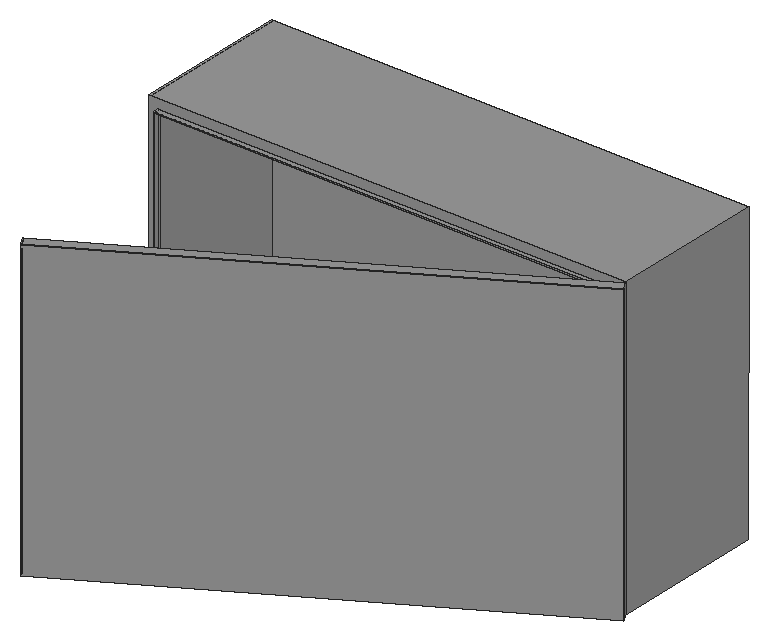
Revit family "Hager-Univers-IP55-D275-H500-Cl.II-Steel_encl-NoHosted-BE-fr", category Electrical Equipment, Revit 2020
Family settings
  Panel Configuration = Two Columns, Circuits Across
  Round Connector Dimension = Use Diameter
  Part Type = Panelboard
  Work Plane-Based = Yes
  Always vertical = Yes
  Cut with Voids When Loaded = No
  Shared = No
  Room Calculation Point = No
Parameters (values of type "saillie IP55 L800 H500 P275  - FR33S")
  Width Control [instance] = if([EF000008 - largeur] > Min Width, [EF000008 - largeur], Min Width)  # 800 mm
  Type Comments = [HG000003 - Gamme]  # "Univers"
  Thickness Door [instance] = if([EF009171 - épaisseur de matériau de la porte/du couvercle] > 3 mm, 3 mm, [EF009171 - épaisseur de matériau de la porte/du couvercle])  # 1.5 mm
  Seal Frame Offset [instance] = 17 mm  # constant formula
  Plinth Visibility [instance] = [HG000027 - Hauteur du socle] > 0 mm  # no
  Min Width [instance] = 100 mm  # constant formula
  Min Depth [instance] = (2 * [EF009170 - épaisseur de matériau du boîtier]) + 1 mm  # 4 mm
  Min Height [instance] = 100 mm  # constant formula
  Internal Frame Depth [instance] = (Door System Depth * 0.5)  # 9 mm
  Panel Name [instance] = ""  # (empty or 0)
  Model = ""
  HG000027 - Hauteur du socle = 0 mm
  HG000026 - Installation au sol = no
  HG000024 - Hauteur de la section basse = 600 mm
  HG000023 - Armoire double section = no
  HG000016 - Visibilité de la porte 3D [instance] = yes
  HG000015 - Visibilité de l'emprise de la porte [instance] = no
  HG000014 - Porte à droite [instance] = yes
  HG000013 - Porte à gauche [instance] = not([HG000014 - Porte à droite])  # no
  HG000012 - Angle de pivotement de la porte [instance] = 30.00°
  HG000010 - Portes asymétriques = no
  HG000009 - Porte à double battant = no
  HG000006 - Encastré = no
  HG000004 - Référence fabricant = "FR33S"
  HG000003 - Gamme = "Univers"
  HG000002 - avec porte = yes
  Frame Offset Bottom [instance] = 10 mm  # constant formula
  Frame Offset [instance] = 15 mm  # constant formula
  EF015940 - couvercle avec décharge de pression = no
  EF011959 - degré de protection (NEMA) = ""
  EF009554 - nombre d'ouvertures pour plaques à bride = 6
  EF009212 - finition du couvercle = "EV000116 - fermé"
  EF009171 - épaisseur de matériau de la porte/du couvercle = 1.5 mm
  EF009170 - épaisseur de matériau du boîtier = 1.5 mm
  EF008873 - courant nominal (In) = 800 A
  EF007800 - adapté à un parafoudre = no
  EF006306 - avec serrure = no
  EF006244 - couvercle/porte transparent(e) = no
  EF005474 - indice de protection (IP) = "EV006420 - IP55"
  EF004464 - type de porte = "EV002646 - unique"
  EF004427 - nombre de modules = 108
  EF004293 - indice de protection contre les chocs (IK) = "EV008784 - IK10"
  EF003532 - convient pour utilisation à l’extérieur = no
  EF002950 - largeur en nombre de modules = 24
  EF001613 - maintien de fonction = "EV000494 - sans"
  EF001596 - matériau du boîtier/corps = "EV000179 - acier"
  EF001131 - profondeur intérieure = 275 mm
  EF001088 - possibilité de montage en saillie = yes
  EF000437 - nombre d'entrées de conduit = 6
  EF000339 - type de capot = "EV004216 - porte"
  EF000266 - nombre de rangées = 3
  EF000218 - profondeur d'encastrement = 0 mm
  EF000118 - avec cadre/support de montage = no
  EF000116 - numéro RAL = "7035"
  EF000049 - profondeur = 275 mm
  EF000040 - hauteur = 500 mm
  EF000008 - largeur = 800 mm
  EF000007 - couleur = "EV000270 - gris"
  EF000003 - mode de pose = "EV000384 - saillie"
  Door System Leaf Tolerance [instance] = 1.5 mm  # constant formula
  Door System Depth [instance] = 18 mm  # constant formula
  Door Height [instance] = Height Control - [HG000027 - Hauteur du socle]  # 500 mm
  Description = ""
  Default Elevation = 1219.2 mm
  Connector Offset [instance] = Height Control / 2  # 250 mm
  Manufacturer = "Hager"  # constant formula
  Height Control [instance] = if([EF000040 - hauteur] > Min Height, [EF000040 - hauteur], Min Height)  # 500 mm
  Depth Control [instance] = if([EF000049 - profondeur] > Min Depth, [EF000049 - profondeur], Min Depth)  # 275 mm
  Bottom Top Plate Trim [instance] = 1.5 mm  # constant formula
  Plinth height Ctrl [instance] = if([HG000027 - Hauteur du socle] > 0 mm, [HG000027 - Hauteur du socle], 12 mm)  # 12 mm
Types (5, lengths in mm): name | Width Control | HG000010 - Portes asymétriques | HG000009 - Porte à double battant | HG000004 - Référence fabricant | EF009554 - nombre d'ouvertures pour plaques à bride | EF004464 - type de porte | EF004427 - nombre de modules | EF000437 - nombre d'entrées de conduit | EF000008 - largeur
  saillie IP55 L1050 H500 P275  - FR34S | 1050 | no | yes | "FR34S" | 8 | "EV003602 - double" | 144 | 8 | 1050
  saillie IP55 L1300 H500 P275  - FR35S | 1300 | yes | yes | "FR35S" | 10 | "EV003602 - double" | 180 | 10 | 1300
  saillie IP55 L300 H500 P275  - FR31S | 300 | no | no | "FR31S" | 2 | "EV002646 - unique" | 36 | 2 | 300
  saillie IP55 L550 H500 P275  - FR32S | 550 | no | no | "FR32S" | 4 | "EV002646 - unique" | 72 | 4 | 550
  saillie IP55 L800 H500 P275  - FR33S | 800 | no | no | "FR33S" | 6 | "EV002646 - unique" | 108 | 6 | 800
Reference planes
  plane 1 "Center (Front/Back)": y = 0
  plane 2: z = 0
  plane 3 "Center (Left/Right)": x = 0
  plane 4: y = 0
  plane 5: y = 0
  plane 6: z = 0
  plane 7: x = -400
  plane 8: x = 400
  plane 9: x = 398.5
  plane 10: x = -398.5
  plane 11: z = 0
  plane 12: z = 1.5
  plane 13: y = -275
  plane 14: y = -1.5
  plane 15: x = 0
  plane 16: y = -257
  plane 17: y = -273.5
  plane 18: y = -255.5
  plane 19: x = -383.5
  plane 20: x = 383.5
  plane 21: z = 11.5
  plane 22: x = -383
  plane 23: x = 383
  plane 24: z = 0
  plane 25: z = 500
  plane 26: z = 500
  plane 27: z = 483.5
  plane 28: z = 498.5
Forms (mm)
  Extrusion 1, solid, material "Hager_Steel_RAL7035_Light_Grey", detail levels medium+fine
    sketch origin (-208.679, -4572, 0) x (-1, 0, 0) y (0, -1, 0)
      loop
        line (191.321, -4315) -> (-608.679, -4315) -> (-608.679, -4572) -> (191.321, -4572) -> (191.321, -4315)
    from 0 to 500
  Extrusion 2, void
    sketch origin (-350.771, -275, 1219.2) x (1, 0, 0) y (0, 0, 1)
      loop
        line (-47.729, -720.7) -> (-47.729, -1217.7) -> (749.271, -1217.7) -> (749.271, -720.7) -> (-47.729, -720.7)
    from -19.5 to -273.5
  Extrusion 3, void
    sketch origin (-290.084, -257, 1219.2) x (1, 0, 0) y (0, 0, 1)
      loop
        line (-93.416, -1207.7) -> (673.584, -1207.7) -> (673.584, -735.7) -> (-93.416, -735.7) -> (-93.416, -1207.7)
    from 0 to -1.5
  Extrusion 4, solid, material "Hager_Steel_RAL7035_Light_Grey", visible <- "Plinth Visibility", detail levels medium+fine
    sketch origin (0, 0, 0) x (1, 0, 0) y (0, 1, 0)
      loop
        line (-400, 0) -> (-400, -257) -> (400, -257) -> (400, 0) -> (-400, 0)
    from 0 to 12 <- "Plinth height Ctrl"
  Extrusion 5, solid, material "Hager_Steel_RAL7035_Light_Grey", detail levels coarse
    sketch origin (0, 0, 0) x (1, 0, 0) y (0, 1, 0)
      loop
        line (-400, 0) -> (-400, -275) -> (400, -275) -> (400, 0) -> (-400, 0)
    from 0 to 500 <- "Height Control"
  Sweep 6, void
    path in 3D
      loop
        line (-400, -257, 12) -> (400, -257, 12) -> (400, 0, 12) -> (-400, 0, 12) -> (-400, -257, 12)
    profile origin (-400, -128.5, 12) x (1, 0, 0) y (0, 0, 1)
      loop
        line (0, 0) -> (0, -1.5) -> (1.5, -1.5)
        arc (1.5, -1.5) -> (1.061, -0.439) -> (0, 0) r 1.5
  Extrusion 7, solid, material "Hager_Steel_RAL7035_Light_Grey", detail levels fine
    sketch origin (-400, -257, 0) x (1, 0, 0) y (0, 0, 1)
      loop
        line (16.5, 11.5) -> (783.5, 11.5) -> (783.5, 483.5) -> (16.5, 483.5) -> (16.5, 11.5)
      loop
        line (15, 10) -> (785, 10) -> (785, 485) -> (15, 485) -> (15, 10)
    from 0 to 9 <- "Internal Frame Depth"
Cuts and joins
  Extrusion 2, Extrusion 3 cuts Extrusion 1
  Sweep 6 cuts Extrusion 4
Lines and regions (mm)
  Masking region 1
    outline origin (0, 0, 0) x (1, 0, 0) y (0, 1, 0)
      loop
        line (-400, 0) -> (-400, -275) -> (400, -275) -> (400, 0) -> (-400, 0)
  Masking region 2, detail levels coarse
    outline origin (-290.084, -257, 1219.2) x (-1, 0, 0) y (0, 0, 1)
      loop
        line (-690.084, -1219.2) -> (109.916, -1219.2) -> (109.916, -719.2) -> (-690.084, -719.2) -> (-690.084, -1219.2)
  Masking region 3, detail levels coarse
    outline origin (0, 0, 0) x (0, 1, 0) y (0, 0, 1)
      loop
        line (0, 0) -> (0, 500) -> (-275, 500) -> (-275, 0) -> (0, 0)
  Masking region 4, visible <- "Plinth Visibility", detail levels medium+fine
    outline origin (0, 0, 0) x (0, 1, 0) y (0, 0, 1)
      loop
        line (-1.5, 12) -> (-255.5, 12)
        arc (-255.5, 12) -> (-255.939, 10.939) -> (-257, 10.5) r 1.5
        line (-257, 10.5) -> (-257, 0) -> (0, 0) -> (0, 10.5)
        arc (0, 10.5) -> (-1.061, 10.939) -> (-1.5, 12) r 1.5
  Masking region 5, detail levels medium+fine
    outline origin (0, 0, 594.038) x (0, 1, 0) y (0, 0, 1)
      loop
        line (0, -594.038) -> (0, -94.038) -> (-257, -94.038) -> (-257, -594.038) -> (0, -594.038)
  Masking region 6, detail levels medium+fine
    outline origin (-359.7, -257, 1211.883) x (-1, 0, 0) y (0, 0, 1)
      loop
        line (-759.7, -1211.883) -> (40.3, -1211.883) -> (40.3, -711.883) -> (-759.7, -711.883) -> (-759.7, -1211.883)
  Masking region 7, visible <- "Plinth Visibility", detail levels medium+fine
    outline origin (-320.334, -257, 1041.368) x (-1, 0, 0) y (0, 0, 1)
      loop
        line (-720.334, -1041.368) -> (79.666, -1041.368) -> (79.666, -1030.868)
        arc (79.666, -1030.868) -> (78.606, -1030.429) -> (78.166, -1029.368) r 1.5
        line (78.166, -1029.368) -> (-718.834, -1029.368)
        arc (-718.834, -1029.368) -> (-719.273, -1030.429) -> (-720.334, -1030.868) r 1.5
        line (-720.334, -1030.868) -> (-720.334, -1041.368)
  sketch lines
    curve 1: line (-400, 0, 12) -> (-400, -257, 12)
    curve 2: line (-400, -257, 12) -> (400, -257, 12)
    curve 3: line (400, 0, 12) -> (-400, 0, 12)
    curve 4: line (400, -257, 12) -> (400, 0, 12)
Dimensions and locks
  locked: plane 1 "Center (Front/Back)" to plane 5
  "EF009170 - épaisseur de matériau du boîtier": plane 7 to plane 10
  "EF009170 - épaisseur de matériau du boîtier": plane 8 to plane 9
  equal spacing: plane 7, plane 3 "Center (Left/Right)", plane 8
  "Width Control": plane 7 to plane 8
  "Depth Control": plane 4 to plane 13
  "EF009170 - épaisseur de matériau du boîtier": plane 4 to plane 14
  "Height Control": plane 25 to level
  "HG000027 - Hauteur du socle": plane 11 to level
  "EF009170 - épaisseur de matériau du boîtier": plane 12 to plane 11
  "EF009170 - épaisseur de matériau du boîtier": plane 17 to plane 13
  "EF009170 - épaisseur de matériau du boîtier": plane 18 to plane 16
  "Frame Offset Bottom": plane 21 to plane 12
  "Frame Offset": plane 10 to plane 19
  "Frame Offset": plane 9 to plane 20
  "Door System Depth": plane 16 to plane 13
  "Seal Frame Offset": plane 7 to plane 22
  "Seal Frame Offset": plane 8 to plane 23
  "EF009170 - épaisseur de matériau du boîtier": plane 26 to plane 28
  "Frame Offset": plane 28 to plane 27
  "Connector Offset": plane 2 to connector elem
  "Bottom Top Plate Trim": profile plane to Sweep 6 sketch curve
  "Bottom Top Plate Trim": Sweep 6 sketch curve to Sweep 6 sketch curve
  "Plinth height Ctrl": Masking region 4 sketch curve to level
  "Plinth height Ctrl": Masking region 7 sketch curve to level
  "Thickness Door": Extrusion 7 sketch curve to Extrusion 7 sketch curve  (x4)
  "Bottom Top Plate Trim": radius of Sweep 6 sketch curve
  "Bottom Top Plate Trim": radius of Masking region 4 sketch curve  (x2)
  "Bottom Top Plate Trim": radius of Masking region 7 sketch curve  (x2)
  aligned and locked: Extrusion 2 sketch curve to plane 12
  aligned and locked: Extrusion 2 sketch curve to plane 9
  aligned and locked: Extrusion 2 sketch curve to plane 10
  aligned and locked: Extrusion 2 to plane 14
  aligned and locked: Extrusion 1 sketch curve to plane 4
  aligned and locked: plane 8 to Extrusion 1 sketch curve
  aligned and locked: plane 7 to Extrusion 1 sketch curve
  aligned and locked: Extrusion 2 to plane 18
  aligned and locked: plane 19 to Extrusion 3 sketch curve
  aligned and locked: plane 20 to Extrusion 3 sketch curve
  aligned and locked: Extrusion 3 to Extrusion 2
  aligned and locked: Extrusion 3 sketch curve to plane 21
  aligned and locked: plane 3 "Center (Left/Right)" to nested 1
  aligned and locked: Extrusion 1 sketch curve to plane 16
  aligned and locked: Extrusion 4 sketch curve to cut or joined group of Extrusion 1, Extrusion 2, Extrusion 3
  aligned and locked: Masking region 1 sketch curve to plane 7
  aligned and locked: Masking region 1 sketch curve to plane 5
  aligned and locked: Masking region 1 sketch curve to plane 8
  aligned and locked: Masking region 2 sketch curve to level
  aligned and locked: level to Masking region 3 sketch curve
  aligned and locked: plane 1 "Center (Front/Back)" to Masking region 3 sketch curve
  aligned and locked: plane 13 to Masking region 3 sketch curve
  aligned and locked: plane 5 to Masking region 4 sketch curve
  aligned and locked: Masking region 2 sketch curve to plane 8
  aligned and locked: Masking region 2 sketch curve to plane 7
  aligned and locked: plane 7 to nested 2
  aligned and locked: nested 2 to plane 5
  aligned and locked: plane 5 to Masking region 5 sketch curve
  aligned and locked: plane 26 to Masking region 5 sketch curve
  aligned and locked: Extrusion 5 sketch curve to plane 8
  aligned and locked: Extrusion 5 sketch curve to plane 7
  aligned and locked: Extrusion 5 sketch curve to plane 5
  aligned and locked: Extrusion 3 sketch curve to plane 27
  aligned and locked: Extrusion 2 sketch curve to plane 28
  aligned and locked: Masking region 2 to plane 25
  aligned and locked: Extrusion 4 to plane 16
  aligned and locked: profile plane to Sweep 6 sketch curve
  aligned and locked: Masking region 5 sketch curve to plane 24
  aligned and locked: level to Masking region 4 sketch curve
  aligned and locked: Masking region 1 to plane 13
  aligned and locked: nested 1 to plane 16
  aligned and locked: Masking region 3 to plane 25
  aligned and locked: plane 16 to Masking region 4 sketch curve
  aligned and locked: Masking region 5 sketch curve to plane 16
  aligned and locked: plane 24 to plane 11
  aligned and locked: plane 26 to plane 25
  aligned and locked: plane 26 to cut or joined group of Extrusion 1, Extrusion 2, Extrusion 3
  aligned and locked: nested 1 to plane 24
  aligned and locked: Extrusion 1 to Extrusion 3
  aligned and locked: Masking region 6 sketch curve to plane 8
  aligned and locked: Masking region 6 sketch curve to plane 24
  aligned and locked: Masking region 6 sketch curve to plane 7
  aligned and locked: Masking region 6 sketch curve to plane 26
  aligned and locked: Masking region 7 sketch curve to plane 7
  aligned and locked: level to Masking region 7 sketch curve
  aligned and locked: Masking region 7 sketch curve to plane 8
  aligned and locked: Extrusion 7 sketch curve to cut or joined group of Extrusion 1, Extrusion 2, Extrusion 3  (x4)
Automatic sketch dimensions
  plane 19 to Extrusion 3 sketch curve = 0 mm
  Extrusion 3 sketch curve to plane 20 = 0 mm
  Extrusion 3 sketch curve to plane 21 = 0 mm
  Extrusion 4 sketch curve to plane 7 = 0 mm
  Extrusion 4 sketch curve to plane 8 = 0 mm
  Extrusion 4 sketch curve to plane 16 = 0 mm
  Masking region 1 sketch curve to plane 13 = 0 mm
  Masking region 2 sketch curve to plane 25 = 0 mm
  Masking region 3 sketch curve to plane 25 = 0 mm
  Extrusion 5 sketch curve to plane 13 = 0 mm
  profile plane to Sweep 6 sketch curve = 0 mm
Nested families
  nested 1: "EC000058_Univers_Door" at (0, -257, 0), Double <- "HG000009 - Porte à double battant", Transparent <- "EF006244 - couvercle/porte transparent(e)", Angle <- "HG000012 - Angle de pivotement de la porte", Door_Right <- "HG000014 - Porte à droite", Assymetrical <- "HG000010 - Portes asymétriques", Door <- "HG000002 - avec porte", Width_Ctrl <- "Width Control", 3d_Door <- "HG000016 - Visibilité de la porte 3D", Clearance <- "HG000015 - Visibilité de l'emprise de la porte", Door_Left <- "HG000013 - Porte à gauche", Width <- "Width Control", Door_Depth <- "Door System Depth", Leaf_Tolerance <- "Door System Leaf Tolerance", Height <- "Door Height", Lock_Visibility <- "EF006306 - avec serrure", Thickness <- "Thickness Door", type "EC000058_Univers_Door", detail levels medium+fine
    with min_wh 4 mm, Width_Ctrl 800 mm, Width 800 mm, Transparent no, Thickness 1.5 mm, Seal_Material Hager_Rubber, Lock_Visibility no, Lock_Material Hager_Plastic_RAL9005_Jet_Black, Leaf_Width 800 mm, Leaf_Tolerance_External_Sides 0 mm, Leaf_Tolerance 1.5 mm, Leaf_Offset 0 mm, Leaf_Height 497 mm, Leaf_2_Width 800 mm, Leaf_2_Offset 400 mm, Leaf_1_Width 800 mm, Leaf_1_Offset 400 mm, Height_Ctrl 500 mm, Height 500 mm, Glass_Material Hager_Glass, Double_Clearance_Ctrl no, Double no, Door_Right_Ctrl yes, Door_Right yes, Door_Material Hager_Steel_RAL7035_Light_Grey, Door_Left_Ctrl no, Door_Left no, Door_Depth 18 mm, Door yes, Clearance_Material Hager_Clearance, Clearance_Depth 800 mm, Clearance_Ctrl no, Clearance no, Assymetrical no, Angle 30.00°, 3d_Door yes
  nested 2: "Hager_Enclosure_Symbol" at (-400, 0, 0), Height <- "Depth Control", Width <- "Width Control", type "Hager_Enclosure_Symbol"
    with Width_Ctrl 800 mm, Width 800 mm, Height_Ctrl 275 mm, Height 275 mm, A_Width_Int 18.047 mm, A_Width 216.562 mm, A_Height_Ctrl 240.625 mm, A_Height 240.625 mm
Connectors
  electrical at (0, 0, 250)
    settings: on plane 1 "Center (Front/Back)", index 1, voltage 0 V, apparent load 0 VA, apparent load phase1 0 VA, apparent load phase2 0 VA, apparent load phase3 0 VA, power factor 1, load classification "Other", number of poles 1, system type 30, power factor state 1, is connector primary yes, connector utility no, sub classification motor no, connector description ""
Definition of nested family "EC000058_Univers_Door"
  Parameters (values of type "EC000058_Univers_Door")
    min_wh [instance] = (2 * Thickness) + 1 mm  # 11 mm
    Width_Ctrl [instance] = 400 mm
    Width [instance] = 500 mm
    Transparent [instance] = yes
    Thickness [instance] = 5 mm
    Seal_Material [instance] = none
    Lock_Visibility [instance] = yes
    Lock_Material [instance] = none
    Leaf_Width [instance] = if((Width_Ctrl - 2 * Leaf_Tolerance_External_Sides) > 0 mm, (Width_Ctrl - 2 * Leaf_Tolerance_External_Sides), min_wh)  # 400 mm
    Leaf_Tolerance_External_Sides [instance] = 0 mm  # constant formula
    Leaf_Tolerance [instance] = 1.5 mm
    Leaf_Offset [instance] = 0 mm  # constant formula
    Leaf_Height [instance] = if((Height_Ctrl - 2 * Leaf_Tolerance) > 0 mm, (Height_Ctrl - 2 * Leaf_Tolerance), min_wh)  # 497 mm
    Leaf_2_Width [instance] = if(and(and(Double, Assymetrical), Door_Left), (Leaf_Width / 3) - (Leaf_Tolerance / 2), if(and(and(Double, Assymetrical), Door_Right), (Leaf_Width / 3) * 2 - (Leaf_Tolerance / 2), if(and(Double, not(Assymetrical)), (Leaf_Width / 2) - Leaf_Tolerance, Leaf_Width)))  # 400 mm
    Leaf_2_Offset [instance] = if(and(Double, Assymetrical), Leaf_2_Width / 2, if(and(Double, not(Assymetrical)), Leaf_Width / 4, Leaf_Width / 2))  # 200 mm
    Leaf_1_Width [instance] = if(and(and(Double, Assymetrical), Door_Right), (Leaf_Width / 3) - (Leaf_Tolerance / 2), if(and(and(Double, Assymetrical), Door_Left), (Width / 3) * 2 - (Leaf_Tolerance / 2), if(and(Double, not(Assymetrical)), (Leaf_Width / 2) - Leaf_Tolerance, Leaf_Width)))  # 400 mm
    Leaf_1_Offset [instance] = if(and(Double, Assymetrical), Leaf_1_Width / 2, if(and(Double, not(Assymetrical)), Leaf_Width / 4, Leaf_Width / 2))  # 200 mm
    Height_Ctrl [instance] = if(Height > min_wh, Height, min_wh)  # 500 mm
    Height [instance] = 500 mm
    Glass_Material [instance] = none
    Double_Clearance_Ctrl [instance] = and(Double, Clearance)  # no
    Double [instance] = no
    Door_Right_Ctrl [instance] = and(or(Door_Right, Double), Door)  # yes
    Door_Right [instance] = yes
    Door_Material [instance] = none
    Door_Left_Ctrl [instance] = and(or(Door_Left, Double), Door)  # no
    Door_Left [instance] = no
    Door_Depth [instance] = 30 mm
    Door [instance] = yes
    Default Elevation = 1219.2 mm
    Clearance_Material [instance] = none
    Clearance_Depth [instance] = if(Leaf_1_Width > Leaf_2_Width, Leaf_1_Width, Leaf_2_Width)  # 400 mm
    Clearance_Ctrl [instance] = and(not(Double), Clearance)  # yes
    Clearance [instance] = yes
    Assymetrical [instance] = yes
    Angle [instance] = 30.00°
    3d_Door [instance] = yes
  Reference planes
    plane 1 "Center (Front/Back)": y = 0
    plane 2 "Bottom": z = 0
    plane 3 "Center (Left/Right)": x = 0
    plane 4: z = 500
    plane 5: x = -200
    plane 6: x = 200
    plane 7: z = 500
    plane 8: x = -200
    plane 9: z = 0
    plane 10: x = 200
    plane 11: y = 0
    plane 12: z = 1.5
    plane 13: x = -600
    plane 14: y = -400
    plane 15: x = 600
    plane 16: x = 0
    plane 17: x = 0
    plane 18: x = -200
    plane 19: x = 200
    plane 20: z = 498.5
  Forms (mm)
    Extrusion 1, solid, material <- "Clearance_Material", visible <- "Double_Clearance_Ctrl"
      sketch origin (1200, 0, 0) x (1, 0, 0) y (0, 0, -1)
        loop
          line (-1800, -498.5) -> (-600, -498.5) -> (-600, 0) -> (-1800, 0) -> (-1800, -498.5)
      from 0 to -400
  Dimensions and locks
    equal spacing: plane 5, plane 3 "Center (Left/Right)", plane 6
    "Width_Ctrl": plane 5 to plane 6
    "Leaf_Offset": plane 5 to plane 8
    "Leaf_Offset": plane 6 to plane 10
    "Leaf_Offset": plane 9 to level
    "Leaf_Offset": plane 4 to plane 7
    "Height_Ctrl": plane 4 to level
    "Leaf_Tolerance": plane 12 to plane 9
    locked: plane 11 to plane 1 "Center (Front/Back)"
    "Leaf_1_Offset": plane 18 to plane 16
    "Leaf_2_Offset": plane 17 to plane 19
    "Leaf_1_Width": plane 13 to plane 8
    "Leaf_2_Width": plane 10 to plane 15
    "Clearance_Depth": plane 14 to plane 1 "Center (Front/Back)"
    "Leaf_Tolerance_External_Sides": plane 8 to plane 18
    "Leaf_Tolerance_External_Sides": plane 19 to plane 10
    "Leaf_Tolerance": plane 7 to plane 20
    aligned and locked: level to plane 2 "Bottom"
    aligned and locked: nested 1 to plane 16
    aligned and locked: nested 2 to plane 17
    aligned and locked: Extrusion 1 to plane 13
    aligned and locked: plane 15 to Extrusion 1
    aligned and locked: Extrusion 1 to plane 14
    aligned and locked: plane 12 to nested 1
    aligned and locked: nested 2 to plane 12
    aligned and locked: Extrusion 1 to plane 11
    aligned and locked: plane 20 to Extrusion 1
    aligned and locked: nested 2 to plane 11
    aligned and locked: nested 1 to plane 11
  Automatic sketch dimensions
    Extrusion 1 sketch curve to level = 0 mm
    plane 5 to Extrusion 1 sketch curve = 400 mm
    plane 6 to Extrusion 1 sketch curve = 400 mm
    Extrusion 1 sketch curve to plane 4 = 1.5 mm
  Nested families
    nested 1: "EC000058_Univers_Door_Leaf" at (0, 0, 1.5), Width <- "Leaf_1_Width", visible <- "Door_Left_Ctrl", Leaf_Height <- "Leaf_Height", Angle <- "Angle", 3d_Door <- "3d_Door", Transparent <- "Transparent", Clearance Material <- "Clearance_Material", Clearance <- "Clearance_Ctrl", Door_Material <- "Door_Material", Glass_Material <- "Glass_Material", Door_Depth <- "Door_Depth", Lock_Material <- "Lock_Material", Seal_Material <- "Seal_Material", Lock_Visibility <- "Lock_Visibility", Thickness <- "Thickness", type "EC000058_Univers_Door_Leaf"
      with Width 400 mm, Transparent_Glass_Offset 30 mm, Transparent_Ctrl yes, Transparent yes, Thickness 5 mm, Standard no, Seal_Material none, Seal_D2 8 mm, Seal_D1 1 mm, Offset_Internal_Frame 10 mm, Lock_Width 20 mm, Lock_Visibility_3d yes, Lock_Visibility yes, Lock_Thickness_3 3 mm, Lock_Thickness_2 1 mm, Lock_Thickness_1 3 mm, Lock_Radius_Offset_2 16 mm, Lock_Radius_Offset_1 15 mm, Lock_Radius_2 5 mm, Lock_Radius 6 mm, Lock_Offset 5 mm, Lock_Material none, Lock_Height 80 mm, Lock_Cover_Top_Offset_2d 17 mm, Lock_Cover_Height -65 mm, Leaf_Height 497 mm, Internal_Seal_Thickness 8 mm, Internal_Seal_Depth_2 4.5 mm, Internal_Frame_Depth 25 mm, Glass_Thickness -1 mm, Glass_Offset -2 mm, Glass_Material none, Door_Material none, Door_Depth 30 mm, Clearance Material none, Clearance yes, Angle_Ctrl 30.00°, Angle 30.00°, 3d_Door yes
    nested 2: "EC000058_Univers_Door_Leaf" at (0, 0, 1.5) x (-1, 0, 0) z (0, 0, 1), Width <- "Leaf_2_Width", visible <- "Door_Right_Ctrl", Leaf_Height <- "Leaf_Height", Angle <- "Angle", 3d_Door <- "3d_Door", Transparent <- "Transparent", Clearance Material <- "Clearance_Material", Clearance <- "Clearance_Ctrl", Door_Material <- "Door_Material", Glass_Material <- "Glass_Material", Door_Depth <- "Door_Depth", Lock_Material <- "Lock_Material", Seal_Material <- "Seal_Material", Lock_Visibility <- "Lock_Visibility", Thickness <- "Thickness", type "EC000058_Univers_Door_Leaf"
      with Width 400 mm, Transparent_Glass_Offset 30 mm, Transparent_Ctrl yes, Transparent yes, Thickness 5 mm, Standard no, Seal_Material none, Seal_D2 8 mm, Seal_D1 1 mm, Offset_Internal_Frame 10 mm, Lock_Width 20 mm, Lock_Visibility_3d yes, Lock_Visibility yes, Lock_Thickness_3 3 mm, Lock_Thickness_2 1 mm, Lock_Thickness_1 3 mm, Lock_Radius_Offset_2 16 mm, Lock_Radius_Offset_1 15 mm, Lock_Radius_2 5 mm, Lock_Radius 6 mm, Lock_Offset 5 mm, Lock_Material none, Lock_Height 80 mm, Lock_Cover_Top_Offset_2d 17 mm, Lock_Cover_Height -65 mm, Leaf_Height 497 mm, Internal_Seal_Thickness 8 mm, Internal_Seal_Depth_2 4.5 mm, Internal_Frame_Depth 25 mm, Glass_Thickness -1 mm, Glass_Offset -2 mm, Glass_Material none, Door_Material none, Door_Depth 30 mm, Clearance Material none, Clearance yes, Angle_Ctrl 30.00°, Angle 30.00°, 3d_Door yes
  Definition of nested family "EC000058_Univers_Door_Leaf"
    Parameters (values of type "EC000058_Univers_Door_Leaf")
      Width [instance] = 2000 mm
      Transparent_Glass_Offset [instance] = 30 mm
      Transparent_Ctrl [instance] = and(Transparent, [3d_Door])  # yes
      Transparent [instance] = yes
      Thickness [instance] = 5 mm
      Standard [instance] = and(not(Transparent), [3d_Door])  # no
      Seal_Material [instance] = none
      Seal_D2 [instance] = 8 mm  # constant formula
      Seal_D1 [instance] = 1 mm  # constant formula
      Offset_Internal_Frame [instance] = 10 mm  # constant formula
      Lock_Width [instance] = 20 mm  # constant formula
      Lock_Visibility_3d [instance] = and(Lock_Visibility, [3d_Door])  # yes
      Lock_Visibility [instance] = yes
      Lock_Thickness_3 [instance] = 3 mm  # constant formula
      Lock_Thickness_2 [instance] = 1 mm  # constant formula
      Lock_Thickness_1 [instance] = 3 mm  # constant formula
      Lock_Radius_Offset_2 [instance] = Lock_Radius_Offset_1 + 1 mm  # 16 mm
      Lock_Radius_Offset_1 [instance] = 15 mm  # constant formula
      Lock_Radius_2 [instance] = Lock_Radius - 1 mm  # 5 mm
      Lock_Radius [instance] = 6 mm  # constant formula
      Lock_Offset [instance] = 5 mm  # constant formula
      Lock_Material [instance] = none
      Lock_Height [instance] = 80 mm  # constant formula
      Lock_Cover_Top_Offset_2d [instance] = Lock_Radius_Offset_2 + 1 mm  # 17 mm
      Lock_Cover_Height [instance] = -(Lock_Height - Lock_Radius_Offset_1)  # -65 mm
      Leaf_Height [instance] = 2720.336 mm
      Internal_Seal_Thickness [instance] = 8 mm  # constant formula
      Internal_Seal_Depth_2 [instance] = 4.5 mm  # constant formula
      Internal_Frame_Depth [instance] = if(Door_Depth - Thickness > 5 mm, Door_Depth - Thickness, 5 mm)  # 25 mm
      Glass_Thickness [instance] = if(Thickness > 15 mm, Glass_Offset + 10 mm, -1 mm)  # -1 mm
      Glass_Offset [instance] = if(Thickness > 15 mm, -(Thickness + 10 mm) / 2, -2 mm)  # -2 mm
      Glass_Material [instance] = none
      Door_Material [instance] = none
      Door_Depth [instance] = 30 mm
      Default Elevation = 0 mm
      Clearance Material [instance] = none
      Clearance [instance] = yes
      Angle_Ctrl [instance] = if(Angle > 180.00°, 180.00°, Angle)  # 90.00°
      Angle [instance] = 90.00°
      3d_Door [instance] = yes
    Reference planes
      plane 1 "Center (Front/Back)": y = 0
      plane 2: z = 0
      plane 3 "Center (Left/Right)": x = 0
      plane 4: y = 2000
      plane 5: x = -1000
      plane 6: x = 1000
      plane 7: x = -3000
      plane 8: z = 2720.336
      plane 9: z = 30
      plane 10: z = 2690.336
      plane 11: x = 970
      plane 12: x = -970
      plane 13: y = -3
      plane 14: z = 107.833
      plane 15: y = -5
      plane 16: y = -223.314
      plane 17: x = -1000
      plane 18: z = 1360.168
      plane 19: y = 30
    Forms (mm)
      Extrusion 1, solid, material <- "Clearance Material", visible <- "Clearance"
        sketch origin (0, 0, 0) x (1, 0, 0) y (0, 0, 1)
          loop
            line (-3000, 2720.336) -> (-3000, 0) -> (1000, 0) -> (1000, 2720.336) -> (-3000, 2720.336)
        from 0 to -2000
      Extrusion 2, solid, material <- "Door_Material", visible <- "Standard", detail levels medium+fine
        sketch origin (-1000, 0, 0) x (0, 1, 0) y (-1, 0, 0)
          loop
            line (0, 30) -> (0, 25) -> (2000, 25) -> (2000, 30) -> (0, 30)
        from 0 to 2720.336 <- "Leaf_Height"
      Extrusion 3, solid, material <- "Door_Material", visible <- "Transparent_Ctrl", detail levels medium+fine
        sketch origin (-1000, 0, 0) x (0, 1, 0) y (-1, 0, 0)
          loop
            line (0, 25) -> (2000, 25) -> (2000, 30) -> (0, 30) -> (0, 25)
        from 0 to 2720.336 <- "Leaf_Height"
      Extrusion 4, void
        sketch origin (-1025, 2000, 0) x (0, 1, 0) y (0, 0, -1)
          loop
            line (-30, -2690.336) -> (-30, -30) -> (-1970, -30) -> (-1970, -2690.336) -> (-30, -2690.336)
        from 0 to 5 <- "Thickness"
      Sweep 5, solid, material <- "Seal_Material", visible <- "Transparent_Ctrl", detail levels fine
        path in 3D
          loop
            line (-1025, 30, 30) -> (-1025, 30, 2690.336) -> (-1025, 1970, 2690.336) -> (-1025, 1970, 30) -> (-1025, 30, 30)
        profile origin (-1025, 1000, 30) x (1, 0, 0) y (0, 0, 1)
          loop
            line (0, 0) -> (0, -8) -> (1, -8) -> (1, 0) -> (0, 0)
      Extrusion 6, solid, material <- "Glass_Material", visible <- "Transparent_Ctrl", detail levels medium+fine
        sketch origin (-1030, 0, 0) x (0, 1, 0) y (0, 0, -1)
          loop
            line (1970, -2690.336) -> (1970, -30) -> (30, -30) -> (30, -2690.336) -> (1970, -2690.336)
        from -2 <- "Glass_Offset" to -1 <- "Glass_Thickness"
      Extrusion 7, solid, material <- "Door_Material", visible <- "3d_Door", detail levels medium+fine
        sketch origin (-1025, 2000, 0) x (0, -1, 0) y (0, 0, -1)
          loop
            line (0, -2720.336) -> (2000, -2720.336) -> (2000, 0) -> (0, 0) -> (0, -2720.336)
          loop
            line (1995, -5) -> (5, -5) -> (5, -2715.336) -> (1995, -2715.336) -> (1995, -5)
        from 0 to 25 <- "Internal_Frame_Depth"
      Sweep 8, solid, material <- "Seal_Material", visible <- "Transparent_Ctrl", detail levels fine
        path in 3D
          loop
            line (-1025, 0, 0) -> (-1025, 2000, 0) -> (-1025, 2000, 2720.336) -> (-1025, 0, 2720.336) -> (-1025, 0, 0)
        profile origin (-1025, 0, 1360.168) x (1, 0, 0) y (0, 1, 0)
          loop
            line (0, 10) -> (2.975, 10)
            arc (2.975, 10) -> (4.053, 10.447) -> (4.5, 11.525) r 1.525
            line (4.5, 11.525) -> (4.5, 16.527)
            arc (4.5, 16.527) -> (4.069, 17.569) -> (3.027, 18) r 1.473
            line (3.027, 18) -> (0, 18) -> (0, 10)
      Extrusion 9, solid, material <- "Lock_Material", visible <- "Lock_Visibility_3d", detail levels fine
        sketch origin (-1030, 0, 0) x (0, 1, 0) y (0, 0, -1)
          loop
            arc (1993.5, -1400.168) -> (1994.561, -1399.729) -> (1995, -1398.668) r 1.5
            line (1995, -1398.668) -> (1995, -1320.168) -> (1975, -1320.168) -> (1975, -1398.668)
            arc (1975, -1398.668) -> (1975.439, -1399.729) -> (1976.5, -1400.168) r 1.5
            line (1976.5, -1400.168) -> (1993.5, -1400.168)
        from 3 <- "Lock_Thickness_1" to 0
      Blend 10, solid, material <- "Lock_Material", visible <- "Lock_Visibility_3d", detail levels fine
        base sketch origin (-1033, 0, 0) x (0, 1, 0) y (0, 0, -1)
          loop
            line (1975, -1320.168) -> (1975, -1398.668)
            arc (1975, -1398.668) -> (1975.439, -1399.729) -> (1976.5, -1400.168) r 1.5
            line (1976.5, -1400.168) -> (1993.5, -1400.168)
            arc (1993.5, -1400.168) -> (1994.561, -1399.729) -> (1995, -1398.668) r 1.5
            line (1995, -1398.668) -> (1995, -1320.168) -> (1975, -1320.168)
        top sketch origin (-1033, 0, 0) x (0, 1, 0) y (0, 0, -1)
          loop
            line (1976, -1320.168) -> (1976, -1398.668)
            arc (1976, -1398.668) -> (1976.146, -1399.022) -> (1976.5, -1399.168) r 0.5
            line (1976.5, -1399.168) -> (1993.5, -1399.168)
            arc (1993.5, -1399.168) -> (1993.854, -1399.022) -> (1994, -1398.668) r 0.5
            line (1994, -1398.668) -> (1994, -1320.168) -> (1976, -1320.168)
        from 0 to 1 <- "Lock_Thickness_2"
      Blend 11, solid, material <- "Lock_Material", visible <- "Lock_Visibility_3d", detail levels fine
        base sketch origin (-1034, 0, 0) x (0, 1, 0) y (0, 0, -1)
          loop
            line (1978, -1320.168) -> (1978, -1384.168)
            arc (1978, -1384.168) -> (1985, -1391.168) -> (1992, -1384.168) r 7
            line (1992, -1384.168) -> (1992, -1320.168) -> (1978, -1320.168)
        top sketch origin (-1034, 0, 0) x (0, 1, 0) y (0, 0, -1)
          loop
            line (1991, -1320.168) -> (1979, -1320.168) -> (1979, -1383.168)
            arc (1979, -1383.168) -> (1985, -1389.168) -> (1991, -1383.168) r 6
            line (1991, -1383.168) -> (1991, -1320.168)
        from 0 to 3 <- "Lock_Thickness_3"
      Extrusion 12, solid, material <- "Lock_Material", visible <- "Lock_Visibility_3d", detail levels fine
        sketch origin (-1030, 1975, 1320.168) x (1, 0, 0) y (0, -1, 0)
          loop
            line (-7, -19) -> (-7, -1) -> (0, -1) -> (0, 0) -> (-8, 0) -> (-8, -20) -> (0, -20) -> (0, -19) -> (-7, -19)
        from 0 to -65 <- "Lock_Cover_Height"
      Extrusion 13, void
        sketch origin (-1038, 1995, 1320.168) x (-1, 0, 0) y (0, 0, -1)
          loop
            line (-5, -65) -> (0, -65) -> (-5, -60) -> (-5, -65)
        from 0 to 20 <- "Lock_Width"
      Extrusion 14, void
        sketch origin (-1038, 1975, 1320.168) x (0, -1, 0) y (0, 0, -1)
          loop
            circle (-10, -15.995) r 6
          loop
            circle (-10, -15.995) r 5
        from 0 to 2
      Extrusion 15, solid, material <- "Lock_Material", visible <- "Lock_Visibility_3d", detail levels medium
        sketch origin (-1030, 0, 0) x (0, 1, 0) y (0, 0, -1)
          loop
            arc (1993.5, -1400.168) -> (1994.561, -1399.729) -> (1995, -1398.668) r 1.5
            line (1995, -1398.668) -> (1995, -1320.168) -> (1975, -1320.168) -> (1975, -1398.668)
            arc (1975, -1398.668) -> (1975.439, -1399.729) -> (1976.5, -1400.168) r 1.5
            line (1976.5, -1400.168) -> (1993.5, -1400.168)
        from 8 to 0
    Cuts and joins
      Extrusion 4 cuts Extrusion 3
      Extrusion 13, Extrusion 14 cuts Extrusion 9
      Extrusion 14 cuts Blend 11
      Extrusion 13, Extrusion 14 cuts Extrusion 12
      joined: Extrusion 9, Blend 10, Blend 11, Extrusion 12
      Extrusion 14 cuts Extrusion 15
    Lines and regions (mm)
      Masking region 1, visible <- "Lock_Visibility", detail levels fine
        outline origin (0, 0, 0) x (0, 1, 0) y (0, 0, 1)
          loop
            line (30, 1320.168) -> (33, 1320.168) -> (33, 1400.168) -> (30, 1400.168) -> (30, 1320.168)
      Masking region 2, visible <- "Lock_Visibility", detail levels fine
        outline origin (0, 3.143, 0) x (0, 1, 0) y (0, 0, 1)
          loop
            line (29.857, 1354.168) -> (30.857, 1354.168) -> (30.857, 1366.168) -> (29.857, 1366.168) -> (29.857, 1354.168)
      Masking region 3, detail levels medium+fine
        outline origin (0, 0, 0) x (0, 1, 0) y (0, 0, 1)
          loop
            line (0, 0) -> (30, 0) -> (30, 2720.336) -> (0, 2720.336) -> (0, 0)
      Masking region 4, detail levels medium+fine
        outline origin (0, 0, 0) x (1, 0, 0) y (0, 0, 1)
          loop
            line (-1000, 2720.336) -> (-1000, 0) -> (1000, 0) -> (1000, 2720.336) -> (-1000, 2720.336)
      Masking region 5, visible <- "Lock_Visibility", detail levels fine
        outline origin (-47.116, 0, 0) x (1, 0, 0) y (0, 0, 1)
          loop
            arc (1024.616, 1399.168) -> (1023.556, 1398.729) -> (1023.116, 1397.668) r 1.5
            line (1023.116, 1397.668) -> (1023.116, 1320.168) -> (1041.116, 1320.168) -> (1041.116, 1397.668)
            arc (1041.116, 1397.668) -> (1040.677, 1398.729) -> (1039.616, 1399.168) r 1.5
            line (1039.616, 1399.168) -> (1024.616, 1399.168)
      Masking region 6, visible <- "Lock_Visibility", detail levels medium+fine
        outline origin (-25, 0, 0) x (1, 0, 0) y (0, 0, 1)
          loop
            arc (1001.5, 1400.168) -> (1000.439, 1399.729) -> (1000, 1398.668) r 1.5
            line (1000, 1398.668) -> (1000, 1320.168) -> (1020, 1320.168) -> (1020, 1398.668)
            arc (1020, 1398.668) -> (1019.561, 1399.729) -> (1018.5, 1400.168) r 1.5
            line (1018.5, 1400.168) -> (1001.5, 1400.168)
      Masking region 7, visible <- "Lock_Visibility", detail levels fine
        outline origin (-73.735, 0, 0) x (1, 0, 0) y (0, 0, 1)
          loop
            line (1051.735, 1382.168) -> (1065.735, 1382.168) -> (1065.735, 1384.168)
            arc (1065.735, 1384.168) -> (1058.735, 1391.168) -> (1051.735, 1384.168) r 7
            line (1051.735, 1384.168) -> (1051.735, 1382.168)
      Masking region 8, visible <- "Lock_Visibility", detail levels fine
        outline origin (-73.735, 0, 0) x (1, 0, 0) y (0, 0, 1)
          loop
            line (1052.735, 1382.168) -> (1064.735, 1382.168) -> (1064.735, 1383.168)
            arc (1064.735, 1383.168) -> (1058.735, 1389.168) -> (1052.735, 1383.168) r 6
            line (1052.735, 1383.168) -> (1052.735, 1382.168)
      Masking region 9, visible <- "Lock_Visibility", detail levels fine
        outline origin (-25, 0, 0) x (1, 0, 0) y (0, 0, 1)
          loop
            line (1020, 1320.168) -> (1020, 1382.168) -> (1000, 1382.168) -> (1000, 1320.168) -> (1020, 1320.168)
      Masking region 10, detail levels medium+fine
        outline origin (0, 0, 0) x (1, 0, 0) y (0, 0, 1)
          loop
            circle (985, 1335.144) r 6
      Masking region 11, detail levels fine
        outline origin (0, 0, 0) x (1, 0, 0) y (0, 0, 1)
          loop
            circle (985, 1335.144) r 5
      Masking region 12, visible <- "Lock_Visibility", detail levels fine
        outline origin (0, 12.767, 0) x (0, 1, 0) y (0, 0, 1)
          loop
            line (20.233, 1320.168) -> (21.233, 1320.168) -> (21.233, 1399.168) -> (20.233, 1400.168) -> (20.233, 1320.168)
      Masking region 13, visible <- "Lock_Visibility", detail levels fine
        outline origin (0, 13.767, -10) x (0, 1, 0) y (0, 0, 1)
          loop
            line (20.233, 1330.168) -> (23.233, 1330.168) -> (23.233, 1399.168) -> (20.233, 1402.168) -> (20.233, 1330.168)
      Masking region 14, visible <- "Lock_Visibility", detail levels fine
        outline origin (0, 12.767, -10) x (0, 1, 0) y (0, 0, 1)
          loop
            line (20.233, 1330.168) -> (25.233, 1330.168) -> (25.233, 1399.305) -> (20.233, 1394.305) -> (20.233, 1330.168)
      Masking region 15, visible <- "Lock_Visibility", detail levels medium
        outline origin (0, 0, 0) x (0, 1, 0) y (0, 0, 1)
          loop
            line (30, 1320.168) -> (38, 1320.168) -> (38, 1400.168) -> (30, 1400.168) -> (30, 1320.168)
      Masking region 16, visible <- "Lock_Visibility", detail levels fine
        outline origin (-1000, 0, 0) x (0, 1, 0) y (-1, 0, 0)
          loop
            line (1975, 30) -> (1995, 30) -> (1995, 38) -> (1975, 38) -> (1975, 30)
          loop
            line (1979, 37) -> (1976, 37) -> (1976, 34) -> (1978, 34) -> (1979, 37)
          loop
            line (1994, 37) -> (1991, 37) -> (1992, 34) -> (1994, 34) -> (1994, 37)
      Masking region 17, visible <- "Lock_Visibility", detail levels medium
        outline origin (-1000, 0, 0) x (0, 1, 0) y (-1, 0, 0)
          loop
            line (1975, 30) -> (1995, 30) -> (1995, 38) -> (1975, 38) -> (1975, 30)
      symbolic lines
        curve 1: line (1000, 0, 0) -> (-3000, 0, 0)
        curve 2: arc (1000, 0, 0) -> (-1000, 2000, 0) -> (-3000, 0, 0) r 2000
        curve 4: line (-1030, 0, 0) -> (-1030, 2000, 0)
      reference lines
        curve 3: line (-1000, 0, 0) -> (-1000, 2000, 0)
      symbolic lines, detail levels medium+fine
        curve 5: line (-1030, 2000, 0) -> (-1025, 2000, 0)
        curve 7: line (-1025, 0, 0) -> (-1030, 0, 0)
        curve 8: line (-1025, 0, 0) -> (-1000, 0, 0)
        curve 9: line (-1000, 0, 0) -> (-1000, 2000, 0)
        curve 10: line (-1000, 2000, 0) -> (-1025, 2000, 0)
      symbolic lines, detail levels fine
        curve 6: line (-1025, 2000, 0) -> (-1025, 0, 0)
      sketch lines
        curve 11: line (-1025, 0, 2720.336) -> (-1025, 0, 0)
        curve 12: line (-1025, 2000, 0) -> (-1025, 0, 0)
        curve 13: line (-1025, 2000, 2720.336) -> (-1025, 2000, 0)
        curve 14: line (-1025, 0, 2720.336) -> (-1025, 2000, 2720.336)
        curve 15: line (-1025, 1970, 30) -> (-1025, 30, 30)
        curve 16: line (-1025, 30, 30) -> (-1025, 30, 2690.336)
        curve 17: line (-1025, 1970, 2690.336) -> (-1025, 1970, 30)
        curve 18: line (-1025, 30, 2690.336) -> (-1025, 1970, 2690.336)
      symbolic lines, visible <- "Transparent", detail levels medium+fine
        curve 19: line (-970, 0, 2690.336) -> (970, 0, 2690.336)
        curve 20: line (-970, 0, 30) -> (-970, 0, 2690.336)
        curve 21: line (970, 0, 30) -> (-970, 0, 30)
        curve 22: line (970, 0, 2690.336) -> (970, 0, 30)
    Dimensions and locks
      "Width": plane 1 "Center (Front/Back)" to plane 4
      equal spacing: plane 5, plane 3 "Center (Left/Right)", plane 6
      "Width": plane 5 to plane 6
      "Width": plane 7 to plane 5
      "Leaf_Height": plane 8 to level
      "Width": curve 5 to curve 3
      "Width": curve 3 to curve 3
      plane 8 to plane 10 = 30 mm
      plane 9 to level = 30 mm
      plane 12 to plane 5 = 30 mm
      plane 6 to plane 11 = 30 mm
      Extrusion 1 to Extrusion 4 sketch curve = 30 mm
      "Transparent_Glass_Offset": curve 3 to Extrusion 4 sketch curve
      "Transparent_Glass_Offset": Extrusion 4 sketch curve to cut or joined group of Extrusion 3, Extrusion 4  (x2)
      cut or joined group of Extrusion 3, Extrusion 4 to Extrusion 6 sketch curve = 30 mm
      "Transparent_Glass_Offset": cut or joined group of Extrusion 3, Extrusion 4 to Extrusion 4 sketch curve
      "Thickness": curve 6 to curve 4
      "Thickness": Extrusion 7 sketch curve to Extrusion 7 sketch curve  (x4)
      "Door_Depth": curve 4 to curve 3
      "Offset_Internal_Frame": profile plane to Sweep 8 sketch curve
      "Internal_Seal_Thickness": Sweep 8 sketch curve to Sweep 8 sketch curve
      "Internal_Seal_Depth_2": profile plane to Sweep 8 sketch curve
      "Seal_D1": profile plane to Sweep 5 sketch curve
      "Seal_D2": profile plane to Sweep 5 sketch curve
      "Thickness": Extrusion 2 sketch curve to Extrusion 2 sketch curve
      equal spacing: Extrusion 9 sketch curve, plane 18, Extrusion 9 sketch curve  (x2)
      equal spacing: Masking region 1 sketch curve, plane 18, Masking region 1 sketch curve
      "Lock_Height": Masking region 1 sketch curve to Masking region 1 sketch curve
      "Lock_Radius": Masking region 2 sketch curve to plane 18 to Masking region 2 sketch curve
      Masking region 2 sketch curve to Masking region 1 = 1 mm
      "Door_Depth": plane 19 to plane 1 "Center (Front/Back)"
      "Lock_Thickness_1": Masking region 1 sketch curve to plane 19
      "Lock_Width": Extrusion 9 sketch curve to Extrusion 9 sketch curve
      "Lock_Height": Extrusion 9 sketch curve to Extrusion 9 sketch curve
      "Lock_Offset": cut or joined group of Extrusion 3, Extrusion 4 to Extrusion 9 sketch curve
      equal spacing: plane 8, plane 18, level
      "Lock_Radius_Offset_1": Blend 11 sketch curve to Blend 10
      locked: Blend 10 to Blend 11 sketch curve at 2  (x2)
      locked: var sketch to Blend 11 sketch curve at 1  (x2)
      "Lock_Radius_Offset_2": Blend 11 sketch curve to Blend 10
      locked: Extrusion 12 sketch curve to Extrusion 12 sketch curve at 1  (x3)
      Masking region 6 sketch curve to Masking region 6 sketch curve = 80 mm
      "Lock_Height": Masking region 6 sketch curve to Masking region 6 sketch curve
      "Lock_Width": Masking region 6 sketch curve to Masking region 6 sketch curve
      locked: Masking region 6 to Masking region 5 sketch curve at 1  (x3)
      locked: Masking region 5 to Masking region 7 sketch curve at 2  (x2)
      "Lock_Radius_Offset_1": Masking region 5 to Masking region 7 sketch curve
      "Lock_Radius_Offset_2": Masking region 5 to Masking region 8 sketch curve
      locked: Masking region 7 to Masking region 8 sketch curve at 1  (x2)
      "Lock_Cover_Top_Offset_2d": Masking region 5 to Masking region 9 sketch curve
      equal spacing: Masking region 9, Masking region 10 sketch curve, Masking region 9
      equal spacing: Masking region 9, Masking region 11 sketch curve, Masking region 9
      Extrusion 15 sketch curve to Extrusion 15 sketch curve = 80 mm
      "Lock_Width": Extrusion 15 sketch curve to Extrusion 15 sketch curve
      "Lock_Height": Extrusion 15 sketch curve to Extrusion 15 sketch curve
      equal spacing: Extrusion 15 sketch curve, plane 18, Extrusion 15 sketch curve
      "Lock_Thickness_3": Masking region 13 sketch curve to Masking region 13 sketch curve
      "Lock_Height": Masking region 12 sketch curve to Masking region 12 sketch curve
      locked: Masking region 13 sketch curve to Masking region 1 at 8
      locked: Masking region 14 sketch curve to Masking region 13 at 1
      locked: Masking region 14 sketch curve to Masking region 1 at 10.863
      "Lock_Height": Masking region 15 sketch curve to Masking region 15 sketch curve
      "Lock_Offset": Extrusion 15 sketch curve to cut or joined group of Extrusion 3, Extrusion 4
      "Lock_Offset": plane 6 to Masking region 6 sketch curve
      radius of Sweep 8 sketch curve = 1.525 mm
      radius of Sweep 8 sketch curve = 1.473 mm
      radius of Extrusion 9 sketch curve = 1.5 mm  (x2)
      "Lock_Radius": radius of Extrusion 14 sketch curve
      "Lock_Radius_2": radius of Extrusion 14 sketch curve
      "Lock_Radius": radius of Masking region 10 sketch curve
      "Lock_Radius_2": radius of Masking region 11 sketch curve
      radius of Extrusion 15 sketch curve = 1.5 mm  (x2)
      "Angle_Ctrl": angle plane 1 "Center (Front/Back)" to curve 3
      locked: Masking region 12 sketch curve to Masking region 12 sketch curve (angle 45.00°)
      locked: Masking region 13 sketch curve to Masking region 13 sketch curve (angle 45.00°)
      locked: Masking region 14 sketch curve to Masking region 14 sketch curve (angle 45.00°)
      aligned and locked: level to plane 2
      aligned and locked: Extrusion 1 to curve 1
      aligned and locked: plane 6 to Extrusion 1
      aligned and locked: Extrusion 1 to plane 1 "Center (Front/Back)"
      aligned and locked: plane 4 to Extrusion 1
      aligned and locked: plane 8 to Extrusion 1
      aligned and locked: curve 7 to Extrusion 2 sketch curve
      aligned and locked: curve 5 to Extrusion 2 sketch curve
      aligned and locked: curve 7 to Extrusion 3 sketch curve
      aligned and locked: Extrusion 3 sketch curve to curve 4
      aligned and locked: Extrusion 3 sketch curve to curve 6
      aligned and locked: Extrusion 3 sketch curve to curve 5
      aligned and locked: curve 9 to curve 3
      aligned and locked: Extrusion 7 sketch curve to cut or joined group of Extrusion 3, Extrusion 4  (x4)
      aligned and locked: plane 17 to curve 3
      aligned and locked: plane 1 "Center (Front/Back)" to curve 3
      aligned and locked: plane 17 to plane 5
      aligned and locked: Sweep 8 sketch curve to profile plane
      aligned and locked: Sweep 5 sketch curve to profile plane  (x2)
      aligned and locked: Masking region 1 to Masking region 2 sketch curve
      aligned and locked: plane 19 to Masking region 1 sketch curve
      aligned and locked: plane 1 "Center (Front/Back)" to Masking region 3 sketch curve
      aligned and locked: plane 19 to Masking region 3 sketch curve
      aligned and locked: level to Masking region 3 sketch curve
      aligned and locked: Masking region 3 sketch curve to plane 8
      aligned and locked: plane 17 to Masking region 4 sketch curve
      aligned and locked: level to Masking region 4 sketch curve
      aligned and locked: Masking region 4 sketch curve to plane 8
      aligned and locked: plane 12 to curve 20
      aligned and locked: plane 10 to curve 19
      aligned and locked: plane 11 to curve 22
      aligned and locked: curve 21 to plane 9
      aligned and locked: Extrusion 2 sketch curve to cut or joined group of Extrusion 3, Extrusion 4
      aligned and locked: Blend 10 sketch curve to Extrusion 9  (x4)
      aligned and locked: Extrusion 9 to Blend 10 sketch curve
      aligned and locked: Blend 10 to Blend 11 sketch curve
      aligned and locked: Extrusion 12 sketch curve to Blend 11
      aligned and locked: Extrusion 12 sketch curve to Extrusion 9  (x4)
      aligned and locked: Masking region 5 sketch curve to Masking region 6
      aligned and locked: Masking region 9 sketch curve to Masking region 6  (x3)
      aligned and locked: Masking region 12 sketch curve to Masking region 1
      aligned and locked: Masking region 13 sketch curve to Masking region 1
      aligned and locked: Masking region 12 to Masking region 14
      aligned and locked: Masking region 14 sketch curve to Masking region 1
      aligned and locked: Masking region 15 sketch curve to Masking region 14
      aligned and locked: Masking region 13 sketch curve to Masking region 12
      aligned and locked: Masking region 16 sketch curve to cut or joined group of Extrusion 14, Extrusion 15  (x4)
      aligned and locked: Masking region 16 sketch curve to cut or joined group of Extrusion 9, Blend 10, Blend 11, Extrusion 12, Extrusion 13, Extrusion 14  (x6)
      aligned and locked: cut or joined group of Extrusion 9, Blend 10, Blend 11, Extrusion 12, Extrusion 13, Extrusion 14 to Masking region 16 sketch curve
      aligned and locked: Masking region 17 sketch curve to cut or joined group of Extrusion 14, Extrusion 15  (x3)
      aligned and locked: Masking region 17 sketch curve to cut or joined group of Extrusion 9, Blend 10, Blend 11, Extrusion 12, Extrusion 13, Extrusion 14
      aligned and locked: Masking region 9 to Masking region 8 sketch curve
      aligned and locked: Masking region 9 to Masking region 7 sketch curve
    Automatic sketch dimensions
      plane 1 "Center (Front/Back)" to curve 2 = 0 mm
      curve 2 to plane 5 = 0 mm
      Extrusion 1 sketch curve to level = 0 mm
      Extrusion 1 sketch curve to plane 7 = 0 mm
      Extrusion 1 sketch curve to plane 6 = 0 mm
      Extrusion 1 sketch curve to plane 8 = 0 mm
      Extrusion 3 to Extrusion 6 sketch curve = 30 mm  (x4)
      Masking region 4 sketch curve to plane 6 = 0 mm
      Blend 10 sketch curve to Extrusion 9 = 1.5 mm
      Blend 10 sketch curve to Extrusion 9 = 1 mm
      Extrusion 13 sketch curve to Extrusion 12 = 0 mm  (x2)
      Extrusion 12 to Extrusion 13 sketch curve = 3 mm
      Extrusion 13 sketch curve to Extrusion 12 = 5 mm
      Extrusion 14 sketch curve to Extrusion 14 sketch curve = 0 mm  (x2)
      Extrusion 14 sketch curve to Extrusion 12 = 10 mm
      Extrusion 14 sketch curve to Extrusion 12 = 15.995 mm
      Masking region 5 sketch curve to Masking region 5 sketch curve = 1.5 mm  (x2)
      Masking region 10 sketch curve to plane 18 = 25.024 mm
      Masking region 11 sketch curve to plane 18 = 25.024 mm
      plane 19 to Masking region 14 sketch curve = 3 mm
      Masking region 16 sketch curve to Masking region 16 sketch curve = 3 mm
      curve 4 to curve 3 = 0 mm
      Blend 10 to Blend 11 sketch curve = 0 mm
      Masking region 6 sketch curve to Masking region 6 sketch curve = 1.5 mm  (x2)
      Masking region 6 sketch curve to plane 18 = 40 mm
      plane 19 to Masking region 12 sketch curve = 3 mm
      Masking region 12 sketch curve to Masking region 12 sketch curve = 1 mm
      Masking region 15 sketch curve to plane 19 = 0 mm
      Masking region 15 sketch curve to plane 18 = 40 mm
      radius of Blend 10 sketch curve to Extrusion 9 = 1 mm
Definition of nested family "Hager_Enclosure_Symbol"
  Parameters (values of type "Hager_Enclosure_Symbol")
    Width_Ctrl [instance] = if(Width > 1 mm, Width, 1 mm)  # 102.27 mm
    Width [instance] = 102.27 mm
    Height_Ctrl [instance] = if(Height > 1 mm, Height, 1 mm)  # 66.5 mm
    A_Width_Int [instance] = if(A_Width / 12 > 2 mm, A_Width / 12, 2 mm)  # 4.364 mm
    A_Width [instance] = if(A_Height_Ctrl * 0.9 > 2 mm, A_Height_Ctrl * 0.9, 2 mm)  # 52.369 mm
    A_Height_Ctrl [instance] = if(A_Height > 2 mm, A_Height, 2 mm)  # 58.188 mm
    Height [instance] = 66.5 mm
    A_Height [instance] = Height - (Height / 8)  # 58.188 mm
  Reference planes
    plane 1 "Centre (avant/arrière)": y = 0
    plane 2: z = 0
    plane 3 "Centre (gauche/droite)": x = 0
    plane 4: x = 52.369
    plane 5: y = 33.042
    plane 6: y = 41.77
    plane 7: y = 66.5
    plane 8: x = 26.184
    plane 9: y = 37.406
    plane 10: x = 102.27
    plane 11: y = 66.5
    plane 12: y = 8.313
  Lines and regions (mm)
    Filled region 1, type "Solid_Black", in view "Niveau de réf."
      outline origin (0, 0, 0) x (1, 0, 0) y (0, 1, 0)
        loop
          line (52.369, 66.5) -> (33.188, 54.536) -> (45.365, 45.006) -> (52.369, 66.5)
    Filled region 2, type "Solid_Black", in view "Niveau de réf."
      outline origin (0, 0, 0) x (1, 0, 0) y (0, 1, 0)
        loop
          line (0, 0) -> (102.27, 0) -> (102.27, 66.5) -> (0, 0)
    detail lines, in view "Niveau de réf."
      curve 1: line (0, 8.313, 0) -> (26.184, 41.77, 0)
      curve 2: line (26.184, 41.77, 0) -> (26.184, 33.042, 0)
      curve 3: line (26.184, 33.042, 0) -> (52.369, 66.5, 0)
  Dimensions and locks
    "A_Width": plane 3 "Centre (gauche/droite)" to plane 4
    equal spacing: plane 3 "Centre (gauche/droite)", plane 8, plane 4
    equal spacing: plane 6, plane 9, plane 5
    equal spacing: curve 3, Filled region 1 sketch curve, Filled region 1 sketch curve
    "Height_Ctrl": plane 1 "Centre (avant/arrière)" to plane 11
    "A_Height_Ctrl": plane 11 to plane 12
    equal spacing: plane 11, plane 9, plane 12
    "A_Width_Int": plane 6 to plane 9
    "Width_Ctrl": plane 3 "Centre (gauche/droite)" to plane 10
    angle Filled region 1 sketch curve to curve 3 = 20.00°
    angle curve 3 to Filled region 1 sketch curve = 20.00°
    locked: curve 3 to Filled region 1 sketch curve (angle 90.00°)
    aligned and locked: plane 10 to Filled region 2
    aligned and locked: plane 11 to Filled region 2 sketch curve
    aligned and locked: plane 10 to Filled region 2 sketch curve
    aligned and locked: plane 3 "Centre (gauche/droite)" to curve 1
    aligned and locked: plane 12 to curve 1
    aligned and locked: plane 7 to plane 11
  Automatic sketch dimensions
    Filled region 1 sketch curve to plane 4 = 0 mm
    Filled region 1 sketch curve to plane 7 = 0 mm
    plane 1 "Centre (avant/arrière)" to Filled region 2 sketch curve = 0 mm
    Filled region 2 sketch curve to plane 3 "Centre (gauche/droite)" = 0 mm
    curve 2 to plane 6 = 0 mm
    curve 2 to plane 8 = 0 mm
    curve 3 to plane 4 = 0 mm
    curve 2 to plane 5 = 0 mm
    curve 3 to plane 7 = 0 mm
